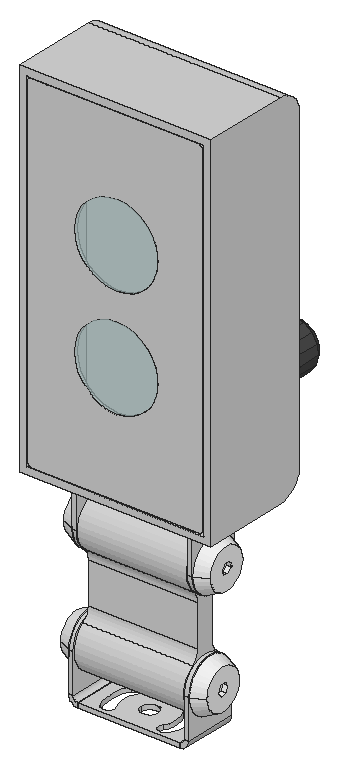
Revit family "Duomo 1.0", category Lighting Fixtures, Revit 2020
Family settings
  Round Connector Dimension = Use Diameter
  Part Type = Normal
  OmniClass Number = 23.80.70.00
  OmniClass Title = Lighting
  Work Plane-Based = No
  Always vertical = No
  Cut with Voids When Loaded = No
  Light Source = No
  Shared = No
  Room Calculation Point = Yes
Parameters (values of type "DUOMO 1.0 J 43° (3000K 10W 230Vac)")
  Wiring = "parallel"
  Width mm = 50 mm
  Weight kg = "0.80 kg"
  Vertical rotation max = 220.00°
  Vertical Rotation Structure max [instance] = 280.00°
  Vertical Rotation Structure Adjusted [instance] = if(Vertical Rotation Structure 2 < Vertical Rotation Structure min, Vertical Rotation Structure min, if(Vertical Rotation Structure 2 > Vertical Rotation Structure max, Vertical Rotation Structure max, Vertical Rotation Structure 2))  # 180.00°
  Vertical Rotation Structure 2 [instance] = Vertical Rotation Structure + 180.00°  # 180.00°
  Vertical Rotation Structure min [instance] = 60.00°
  Vertical Rotation Body min [instance] = 60.00°
  Vertical Rotation Body max [instance] = 280.00°
  Vertical Rotation Body Adjusted [instance] = if(Vertical Rotation Body 2 < Vertical Rotation Body min, Vertical Rotation Body min, if(Vertical Rotation Body 2 > Vertical Rotation Body max, Vertical Rotation Body max, Vertical Rotation Body 2))  # 180.00°
  Vertical Rotation Body 2 [instance] = Vertical Rotation Body + 180.00°  # 180.00°
  Vertical Rotation Body [instance] = 0.00°
  URL Accessories and power supply units = "https://www.lucelight.it/en/prodotto.php/129704#a-scheda-accessori"
  URL = "https://www.lucelight.it/en/prodotto.php/129704"
  URL Technical sheet = "-"
  URL Image = "https://www.lucelight.it/en/prodotto-foto.php/129704"
  URL IES Photometric file = "https://www.lucelight.it/media/prodotti/fotometrie/duomo_1.0_ies.zip"
  URL General code = "https://www.lucelight.it/en/prodotto.php/129704#a-generacodice"
  URL Description = "https://www.lucelight.it/en/capitolato.php/129704"
  URL DXF = "https://www.lucelight.it/media/prodotti/dxf/duomo_1.0.dxf"
  URL Catalogue = "-"
  Screw = L&L_Steel inox AISI 316L
  Power supply unit = "built-in"
  Power supply = "230Vac\r\n230Vac"
  Power cables = "-"
  Light Source = Light Source_10 : J 43°
  Connector = L&L_Plastic
  Power = "10W"
  Optics = "43°"
  No. and type of led = "2 power LEDs High Intensity, 3-step MacAdam, 50 000h L90 B10 (Ta 25°C)"
  Model = "Duomo 1.0"
  Manufacturer = "L&L Luce&Light"
  Notes = "available on request with adapter for Eurostandard track and in DALI, 1–10V or PUSH version, or with Bluetooth control"
  Mounting = "surface mounted (ceiling, wall, floor)"
  Material = "body and arm in Anticorodal aluminium,  screen in serigraphed, tempered, extra-clear glass"
  Lumen output at source = "815 lm (3000K, CRI 90), 880 lm (3000K, CRI 80)"
  Description = "Projector for indoor applications"
  Default Elevation = 0 mm
  Body = L&L_Anticorodal aluminium
  Base = L&L_Anticorodal aluminium
  Lens = L&L_Tempered extra-clear glass
  Length mm = 86 mm
  LED Colour = "3000K (also available: 2700K and 4000K - ref. URL Technical sheet)"
  IP = "IP54"
  Height mm = 166 mm
  Vertical Rotation Structure [instance] = 0.00°
  Features = "electrical wiring simplified by the ability to connect the electrical cables directly to the connector"
  Energy efficiency class = "A A+ A++"
  Delivered lumen output = "661 lm (3000K, 30°, CRI 90), 714 lm (3000K, 30°, CRI 80)"
  Cutout dimensions = "-"
  Control system = "ON/OFF"
  Contact = "T: +39 0444 360571; E: lucelight@lucelight.it"
  Company = "L&L Luce&Light"
  Code = "-"
  CRI = ">90 (also available: CRI 80 - ref. URL Technical sheet)"
  Apparent Load Phase 1 = 10 W
Types (8, lengths in mm): name | Light Source | Optics
  DUOMO 1.0 J 43° (3000K 10W 230Vac) | Light Source_10 : J 43° | "43°"
  DUOMO 1.0 K 63° (3000K 10W 230Vac) | Light Source_10 : K 63° | "63°"
  DUOMO 1.0 L 35° (3000K 10W 230Vac) | Light Source_10 : L 35° | "35°"
  DUOMO 1.0 M 30° (3000K 10W 230Vac) | Light Source_10 : M 30° | "30°"
  DUOMO 1.0 S 14° (3000K 10W 230Vac) | Light Source_10 : S 14° | "14°"
  DUOMO 1.0 T 10° (3000K 10W 230Vac) | Light Source_10 : T 10° | "10°"
  DUOMO 1.0 W 18°x44° (3000K 10W 230Vac) | Light Source_10 : W 18°x44° | "18°x44°"
  DUOMO 1.0 X 44°x18° (3000K 10W 230Vac) | Light Source_10 : X 44°x18° | "44°x18°"
Reference planes
  plane 1 "Light Source Axis (F/B)": y = 0
  plane 2: z = 0
  plane 3 "Light Source Axis (L/R)": x = 0
  plane 4 "Light Source Elevation": z = 420
Lines and regions (mm)
  reference lines
    curve 1: line (0, 0, 22) -> (0, 0, -55)
    curve 2: line (0, 0, 22) -> (0, 0, 82)
Dimensions and locks
  level to plane 4 "Light Source Elevation" = 420 mm
  locked: curve 1 to level (angle 90.00°)
  "Vertical Rotation Structure Adjusted": angle curve 1 to curve 2
  aligned and locked: level to plane 2
  aligned and locked: curve 1 to plane 1 "Light Source Axis (F/B)"
Automatic sketch dimensions
  level to curve 2 = 22 mm
Nested families
  nested 1: "Bracket" at (0, 0, 0), Vertical Rotation <- "Vertical Rotation Structure Adjusted", Base Braket <- "Base", Screw <- "Screw", type "Bracket"
    with Vertical Rotation 180.00°, Screw L&L_Steel inox AISI 316L, Base Braket L&L_Anticorodal aluminium
  nested 2: "Duomo 10_Body" at (1.486, 0, 72), Vertical Rotation <- "Vertical Rotation Body Adjusted", Base Braket <- "Base", Body <- "Body", Connector <- "Connector", Lens <- "Lens", Screw <- "Screw", type "Duomo 10_Body"
    with Vertical Rotation 180.00°, Screw L&L_Steel inox AISI 316L, Lens L&L_Tempered extra-clear glass, Connector L&L_Plastic, Body L&L_Anticorodal aluminium, Base Braket L&L_Anticorodal aluminium
  nested 3: "Light Source_10" at (0, -21.5, 175.76) x (-1, 0, 0) z (0, -1, 0), type <- "Light Source", type "J 43°"
Connectors
  electrical at (0, 0, 0)
    settings: index 1, voltage 0 V, apparent load 0 VA, apparent load phase1 0 VA, apparent load phase2 0 VA, apparent load phase3 0 VA, power factor 1, load classification "Other", number of poles 1, system type 31, power factor state 1, is connector primary yes, connector utility no, sub classification motor no, connector description ""
Definition of nested family "Bracket"
  Parameters (values of type "Bracket")
    Width = 24 mm
    Vertical Rotation [instance] = 180.00°
    Screw [instance] = none
    Length = 66.8 mm
    Default Elevation = 0 mm
    Base Braket [instance] = none
  Reference planes
    plane 1 "Light Source Axis (F/B)": y = 0
    plane 2: z = 0
    plane 3 "Light Source Axis (L/R)": x = 0
    plane 4 "Light Source Elevation": z = 475
    plane 5: x = -33.4
    plane 6: x = 33.4
    plane 7: y = 12
    plane 8: y = -12
  Forms (mm)
    Extrusion 1, solid, material <- "Base Braket"
      sketch origin (0, 0, 0) x (1, 0, 0) y (0, 0, 1)
        loop
          arc (-27.4, 4) -> (-26.228, 1.172) -> (-23.4, 0) r 4
          line (-23.4, 0) -> (-23.4, 2)
          arc (-23.4, 2) -> (-24.814, 2.586) -> (-25.4, 4) r 2
          line (-25.4, 4) -> (-27.4, 4)
        loop
          arc (23.4, 0) -> (26.228, 1.172) -> (27.4, 4) r 4
          line (27.4, 4) -> (25.4, 4)
          arc (25.4, 4) -> (24.814, 2.586) -> (23.4, 2) r 2
          line (23.4, 2) -> (23.4, 0)
      from -12 to 12
    Extrusion 2, solid, material <- "Base Braket", detail levels coarse+medium
      sketch origin (0, 0, 0) x (1, 0, 0) y (0, 1, 0)
        loop
          line (-23.4, 12) -> (-23.4, -12) -> (23.4, -12) -> (23.4, 12) -> (-23.4, 12)
      from 0 to 2
    Extrusion 3, solid, material <- "Base Braket", detail levels fine
      sketch origin (0, 0, 0) x (1, 0, 0) y (0, 1, 0)
        loop
          line (-23.4, 12) -> (-23.4, -12) -> (23.4, -12) -> (23.4, 12) -> (-23.4, 12)
        loop
          circle (0, 0) r 4
        loop
          arc (-10.442, 5.913) -> (-11.574, 10.002) -> (-15.663, 8.87) r 3
          arc (-15.663, 8.87) -> (-18, 0) -> (-15.663, -8.87) r 18
          arc (-15.663, -8.87) -> (-11.574, -10.002) -> (-10.442, -5.913) r 3
          arc (-10.442, -5.913) -> (-12, 0) -> (-10.442, 5.913) r 12
        loop
          arc (10.442, 5.913) -> (12, 0) -> (10.442, -5.913) r 12
          arc (10.442, -5.913) -> (11.574, -10.002) -> (15.663, -8.87) r 3
          arc (15.663, -8.87) -> (18, 0) -> (15.663, 8.87) r 18
          arc (15.663, 8.87) -> (11.574, 10.002) -> (10.442, 5.913) r 3
      from 0 to 2
    Extrusion 4, solid, material <- "Base Braket"
      sketch origin (0, 0, 0) x (0, 1, 0) y (0, 0, 1)
        loop
          line (12, 4) -> (12, 22)
          arc (12, 22) -> (0, 34) -> (-12, 22) r 12
          line (-12, 22) -> (-12, 4) -> (12, 4)
      from -27.4 to -25.4
    Extrusion 5, solid, material <- "Base Braket"
      sketch origin (31.914, 0, 0) x (0, 1, 0) y (0, 0, 1)
        loop
          line (12, 4) -> (12, 22)
          arc (12, 22) -> (0, 34) -> (-12, 22) r 12
          line (-12, 22) -> (-12, 4) -> (12, 4)
      from -6.514 to -4.514
    Blend 6, solid, material <- "Screw", detail levels fine
      base sketch origin (0, 0, 0) x (0, 1, 0) y (0, 0, 1)
        loop
          circle (0, 22) r 12
      top sketch origin (0, 0, 0) x (0, 1, 0) y (0, 0, 1)
        loop
          circle (0, 22) r 9.138
      from 27.4 to 33.4
    Blend 7, solid, material <- "Screw", detail levels fine
      base sketch origin (0, 0, 0) x (0, 1, 0) y (0, 0, -1)
        loop
          circle (0, -22) r 12
      top sketch origin (0, 0, 0) x (0, 1, 0) y (0, 0, -1)
        loop
          circle (0, -22) r 9.138
      from 27.4 to 33.4
    Extrusion 8, solid, material <- "Screw", detail levels medium
      sketch origin (0, 0, 0) x (0, 1, 0) y (0, 0, 1)
        loop
          circle (0, 22) r 12
      from -33.4 to -27.4
    Extrusion 9, solid, material <- "Screw", detail levels medium
      sketch origin (0, 0, 0) x (0, 1, 0) y (0, 0, -1)
        loop
          circle (0, -22) r 12
      from -33.4 to -27.4
    Extrusion 10, void
      sketch origin (0, 0, 0) x (0, 1, 0) y (0, 0, 1)
        loop
          line (-1.844, 24.221) -> (-2.845, 21.513) -> (-1.001, 19.292) -> (1.844, 19.779) -> (2.845, 22.487) -> (1.001, 24.708) -> (-1.844, 24.221)
      from -46.814 to -30.9
    Extrusion 11, void
      sketch origin (0, 0, 0) x (0, 1, 0) y (0, 0, -1)
        loop
          line (-1.844, -24.221) -> (1.001, -24.708) -> (2.845, -22.487) -> (1.844, -19.779) -> (-1.001, -19.292) -> (-2.845, -21.513) -> (-1.844, -24.221)
      from -46.814 to -30.9
    Extrusion 12, solid, material <- "Base Braket"
      sketch origin (0, 0, 22) x (0, 0, 1) y (0, -1, 0)
        loop
          arc (9.784, 6.947) -> (-12, 0) -> (9.784, -6.947) r 12
          arc (9.784, -6.947) -> (12.28, -4.78) -> (15.492, -4) r 7
          line (15.492, -4) -> (34.508, -4)
          arc (34.508, -4) -> (37.72, -4.78) -> (40.216, -6.947) r 7
          arc (40.216, -6.947) -> (38, 0) -> (40.216, 6.947) r 12
          arc (40.216, 6.947) -> (37.72, 4.78) -> (34.508, 4) r 7
          line (34.508, 4) -> (15.492, 4)
          arc (15.492, 4) -> (12.28, 4.78) -> (9.784, 6.947) r 7
      from -24.9 to 25.1
  Cuts and joins
    Extrusion 10 cuts Blend 7
    Extrusion 11 cuts Blend 6
  Lines and regions (mm)
    reference lines
      curve 1: line (0, 0, 0) -> (0, 0, 22)
      curve 2: line (0, 0, 22) -> (0, 0, 84.907)
  Dimensions and locks
    equal spacing: plane 5, plane 3 "Light Source Axis (L/R)", plane 6
    "Length": plane 5 to plane 6
    level to plane 4 "Light Source Elevation" = 475 mm
    equal spacing: plane 7, plane 1 "Light Source Axis (F/B)", plane 8
    "Width": plane 7 to plane 8
    locked: curve 1 to level (angle 90.00°)
    "Vertical Rotation": angle curve 1 to curve 2
    aligned and locked: level to plane 2
    aligned and locked: plane 7 to Extrusion 1
    aligned and locked: Extrusion 1 to plane 8
    aligned and locked: Extrusion 2 sketch curve to Extrusion 1  (x4)
  Automatic sketch dimensions
    Extrusion 1 sketch curve to level = 0 mm  (x2)
    Extrusion 1 sketch curve to Extrusion 1 sketch curve = 2 mm  (x4)
    Extrusion 3 sketch curve to Extrusion 3 sketch curve = 0 mm  (x13)
    Extrusion 3 sketch curve to plane 8 = 0 mm
    Extrusion 3 sketch curve to plane 7 = 0 mm
    plane 1 "Light Source Axis (F/B)" to Extrusion 3 sketch curve = 0 mm
    Extrusion 3 sketch curve to plane 3 "Light Source Axis (L/R)" = 0 mm
    plane 8 to Extrusion 3 sketch curve = 4.609 mm  (x2)
    Extrusion 3 sketch curve to plane 3 "Light Source Axis (L/R)" = 13.052 mm  (x2)
    Extrusion 3 sketch curve to plane 7 = 4.609 mm  (x2)
    plane 3 "Light Source Axis (L/R)" to Extrusion 3 sketch curve = 13.052 mm  (x2)
    Extrusion 3 sketch curve to Extrusion 3 sketch curve = 2.61 mm  (x7)
    Extrusion 4 sketch curve to plane 8 = 0 mm
    Extrusion 4 sketch curve to plane 1 "Light Source Axis (F/B)" = 0 mm
    level to Extrusion 4 sketch curve = 4 mm
    Extrusion 4 sketch curve to Extrusion 4 sketch curve = 18 mm
    Extrusion 4 sketch curve to Extrusion 4 sketch curve = 0 mm
    Extrusion 5 sketch curve to plane 8 = 0 mm
    Extrusion 5 sketch curve to plane 1 "Light Source Axis (F/B)" = 0 mm
    level to Extrusion 5 sketch curve = 4 mm
    Extrusion 5 sketch curve to Extrusion 5 sketch curve = 18 mm
    Extrusion 5 sketch curve to Extrusion 5 sketch curve = 0 mm
    Blend 6 sketch curve to plane 1 "Light Source Axis (F/B)" = 0 mm  (x2)
    level to Blend 6 sketch curve = 22 mm  (x2)
    Blend 7 sketch curve to plane 1 "Light Source Axis (F/B)" = 0 mm  (x2)
    level to Blend 7 sketch curve = 22 mm  (x2)
    Extrusion 8 sketch curve to plane 1 "Light Source Axis (F/B)" = 0 mm
    level to Extrusion 8 sketch curve = 22 mm
    Extrusion 9 sketch curve to plane 1 "Light Source Axis (F/B)" = 0 mm
    level to Extrusion 9 sketch curve = 22 mm
    plane 1 "Light Source Axis (F/B)" to Extrusion 10 sketch curve = 2.845 mm
    plane 1 "Light Source Axis (F/B)" to Extrusion 10 sketch curve = 1.844 mm
    plane 1 "Light Source Axis (F/B)" to Extrusion 10 sketch curve = 1.001 mm
    Extrusion 10 sketch curve to plane 1 "Light Source Axis (F/B)" = 1.001 mm
    Extrusion 10 sketch curve to plane 1 "Light Source Axis (F/B)" = 1.844 mm
    Extrusion 10 sketch curve to plane 1 "Light Source Axis (F/B)" = 2.845 mm
    level to Extrusion 10 sketch curve = 19.292 mm
    Extrusion 10 sketch curve to Extrusion 10 sketch curve = 0.487 mm
    Extrusion 10 sketch curve to Extrusion 10 sketch curve = 2.221 mm  (x2)
    Extrusion 10 sketch curve to Extrusion 10 sketch curve = 2.708 mm  (x2)
    plane 1 "Light Source Axis (F/B)" to Extrusion 11 sketch curve = 2.845 mm
    plane 1 "Light Source Axis (F/B)" to Extrusion 11 sketch curve = 1.844 mm
    plane 1 "Light Source Axis (F/B)" to Extrusion 11 sketch curve = 1.001 mm
    Extrusion 11 sketch curve to plane 1 "Light Source Axis (F/B)" = 1.001 mm
    Extrusion 11 sketch curve to plane 1 "Light Source Axis (F/B)" = 1.844 mm
    Extrusion 11 sketch curve to plane 1 "Light Source Axis (F/B)" = 2.845 mm
    level to Extrusion 11 sketch curve = 24.708 mm
    Extrusion 11 sketch curve to Extrusion 11 sketch curve = 0.487 mm
    Extrusion 11 sketch curve to Extrusion 11 sketch curve = 2.221 mm  (x2)
    Extrusion 11 sketch curve to Extrusion 11 sketch curve = 2.708 mm  (x2)
    Extrusion 1 sketch curve to plane 6 = 10 mm
    Extrusion 3 sketch curve to Extrusion 3 sketch curve = 7.737 mm  (x2)
    Extrusion 1 sketch curve to Extrusion 1 sketch curve = 0 mm
    plane 5 to Extrusion 1 sketch curve = 10 mm
    Extrusion 12 sketch curve to curve 2 = 0 mm  (x3)
    Extrusion 12 sketch curve to curve 2 = 11 mm
    Extrusion 12 sketch curve to curve 2 = 28.399 mm
    Extrusion 12 sketch curve to curve 2 = 4 mm
    Extrusion 12 sketch curve to Extrusion 12 sketch curve = 5.708 mm  (x4)
    Extrusion 12 sketch curve to Extrusion 12 sketch curve = 0 mm  (x6)
    curve 2 to Extrusion 12 sketch curve = 4 mm
    Extrusion 12 sketch curve to Extrusion 12 sketch curve = 7 mm
    Extrusion 12 sketch curve to Extrusion 12 sketch curve = 9.784 mm
    Extrusion 12 sketch curve to curve 2 = 6.947 mm
    curve 1 to plane 1 "Light Source Axis (F/B)" = 0 mm
    curve 1 to level = 0 mm
    radius of Extrusion 3 sketch curve = 4 mm
    radius of Blend 6 sketch curve = 12 mm
    radius of Blend 6 sketch curve = 9.138 mm
    radius of Blend 7 sketch curve = 12 mm
    radius of Blend 7 sketch curve = 9.138 mm
    radius of Extrusion 8 sketch curve = 12 mm
    radius of Extrusion 9 sketch curve = 12 mm
Definition of nested family "Duomo 10_Body"
  Parameters (values of type "Duomo 10_Body")
    Width = 24 mm
    Vertical Rotation [instance] = 180.00°
    Screw [instance] = none
    Lens [instance] = none
    Length = 66.8 mm
    Default Elevation = 1219.2 mm
    Connector [instance] = none
    Body [instance] = none
    Base Braket [instance] = none
  Reference planes
    plane 1 "Light Source Axis (F/B)": y = 0
    plane 2: z = 0
    plane 3 "Light Source Axis (L/R)": x = 0
    plane 4 "Light Source Elevation": z = 475
    plane 5: x = -33.4
    plane 6: x = 33.4
    plane 7: y = 12
    plane 8: y = -12
  Lines and regions (mm)
    reference lines
      curve 1: line (0, 0, -78.016) -> (0, 0, 0)
      curve 2: line (0, 0, 0) -> (0, 0, 73.234)
  Dimensions and locks
    equal spacing: plane 5, plane 3 "Light Source Axis (L/R)", plane 6
    "Length": plane 5 to plane 6
    level to plane 4 "Light Source Elevation" = 475 mm
    equal spacing: plane 7, plane 1 "Light Source Axis (F/B)", plane 8
    "Width": plane 7 to plane 8
    locked: curve 1 to level (angle 90.00°)
    "Vertical Rotation": angle curve 1 to curve 2
    aligned and locked: level to plane 2
    aligned and locked: level to curve 1
    aligned and locked: curve 1 to curve 2
  Automatic sketch dimensions
    curve 1 to plane 1 "Light Source Axis (F/B)" = 0 mm
    curve 2 to level = 0 mm
  Nested families
    nested 1: "Body" at (0.6, 0, 0), Body <- "Body", Connector <- "Connector", Lens <- "Lens", Screw <- "Screw", type "Body"
      with Screw none, Lens none, Connector none, Body none
    nested 2: "Hinge" at (0, 0, 0) x (-1, 0, 0) z (0, 0, 1), Base Braket <- "Base Braket", Screw <- "Screw", type "Hinge"
      with Vertical Rotation 180.00°, Base Braket none
  Definition of nested family "Body"
    Parameters (values of type "Body")
      Width = 24 mm
      Screw [instance] = none
      Length = 66.8 mm
      Lens [instance] = none
      Default Elevation = 1219.2 mm
      Connector [instance] = none
      Body [instance] = none
    Reference planes
      plane 1 "Light Source Axis (F/B)": y = 0
      plane 2: z = 0
      plane 3 "Light Source Axis (L/R)": x = 0
      plane 4 "Light Source Elevation": z = 475
      plane 5: x = -33.4
      plane 6: x = 33.4
      plane 7: y = 12
      plane 8: y = -12
    Forms (mm)
      Extrusion 1, solid, material <- "Body", detail levels coarse
        sketch origin (0, 0, 0) x (0, 0, 1) y (0, -1, 0)
          loop
            line (188.2, -18.033) -> (188.2, 21.5) -> (22, 21.5) -> (22, -18.033)
            arc (22, -18.033) -> (24.224, -24.53) -> (29.963, -28.3) r 10.6
            line (29.963, -28.3) -> (180.237, -28.3)
            arc (180.237, -28.3) -> (185.976, -24.53) -> (188.2, -18.033) r 10.6
        from -44.2 to 43
      Extrusion 2, solid, material <- "Lens", detail levels medium+fine
        sketch origin (0, 0, 0) x (0, 0, 1) y (1, 0, 0)
          loop
            circle (130.075, 0) r 19.016
          loop
            circle (79.956, 0) r 19.016
        from -21.5 to -20.5
      Extrusion 3, solid, material <- "Body", detail levels medium+fine
        sketch origin (0, 0, 0) x (0, 0, 1) y (0, -1, 0)
          loop
            line (188.2, -18.033) -> (188.2, 21.5) -> (22, 21.5) -> (22, -18.033)
            arc (22, -18.033) -> (24.224, -24.53) -> (29.963, -28.3) r 10.6
            line (29.963, -28.3) -> (180.237, -28.3)
            arc (180.237, -28.3) -> (185.976, -24.53) -> (188.2, -18.033) r 10.6
        from -44.2 to 43
      Extrusion 4, void
        sketch origin (0, 0, 0) x (0, 0, 1) y (1, 0, 0)
          loop
            line (185.1, -41.1) -> (185.1, 39.9) -> (25.1, 39.9) -> (25.1, -41.1) -> (185.1, -41.1)
        from -160.769 to 12
      Extrusion 5, solid, material <- "Body", detail levels medium+fine
        sketch origin (0, 0, 0) x (0, 0, 1) y (1, 0, 0)
          loop
            line (184.6, -38.6) -> (184.6, 37.4)
            arc (184.6, 37.4) -> (184.014, 38.814) -> (182.6, 39.4) r 2
            line (182.6, 39.4) -> (27.6, 39.4)
            arc (27.6, 39.4) -> (26.186, 38.814) -> (25.6, 37.4) r 2
            line (25.6, 37.4) -> (25.6, -38.6)
            arc (25.6, -38.6) -> (26.186, -40.014) -> (27.6, -40.6) r 2
            line (27.6, -40.6) -> (182.6, -40.6)
            arc (182.6, -40.6) -> (184.014, -40.014) -> (184.6, -38.6) r 2
          loop
            circle (130.075, 0) r 19.016
          loop
            circle (79.956, 0) r 19.016
        from -21.5 to -20.5
      Extrusion 6, solid, material <- "Screw", detail levels medium+fine
        sketch origin (0, 0, 0) x (1, 0, 0) y (0, 1, 0)
          loop
            circle (-13.6, 0) r 6
        from 19 to 20
      Extrusion 7, solid, material <- "Screw", detail levels fine
        sketch origin (-0.123, 2.332, 0) x (0.985191, 0.171462, 0) y (-0.171462, 0.985191, 0)
          loop
            line (-8.726, 2.73) -> (-13.722, 5.614) -> (-18.719, 2.73) -> (-18.719, -3.039) -> (-13.722, -5.924) -> (-8.726, -3.039) -> (-8.726, 2.73)
        from 15 to 19
      Extrusion 8, solid, material <- "Screw", detail levels medium+fine
        sketch origin (25, 0, 0) x (1, 0, 0) y (0, 1, 0)
          loop
            circle (-13.6, 0) r 6
        from 19 to 20
      Extrusion 9, solid, material <- "Screw", detail levels fine
        sketch origin (24.877, 2.332, 0) x (0.985191, 0.171462, 0) y (-0.171462, 0.985191, 0)
          loop
            line (-8.726, 2.73) -> (-13.722, 5.614) -> (-18.719, 2.73) -> (-18.719, -3.039) -> (-13.722, -5.924) -> (-8.726, -3.039) -> (-8.726, 2.73)
        from 15 to 19
      Revolve 10, solid, material <- "Connector", detail levels fine
        sketch origin (-0.6, 0, 0) x (0, 0, 1) y (0, -1, 0)
          loop
            line (56.5, -28.3) -> (45, -28.3) -> (45, -54.004) -> (56.5, -54.004) -> (56.5, -37.154) -> (52.491, -37.154) -> (52.491, -36.354) -> (56.5, -36.354) -> (56.5, -28.3)
          axis (45, -28.3) -> (45, -54.004)
        angle from 0 to 360
      Extrusion 11, solid, material <- "Connector", detail levels fine
        sketch origin (43.6, 0, 0) x (1, 0, 0) y (0, 0, 1)
          loop
            line (-53.62, 51.596) -> (-55.698, 44.799) -> (-53.384, 38.079) -> (-47.562, 34.002) -> (-40.456, 34.127) -> (-34.78, 38.404) -> (-32.702, 45.201) -> (-35.016, 51.921) -> (-40.838, 55.998) -> (-47.944, 55.873) -> (-53.62, 51.596)
        from -65.004 to -54.004
      Revolve 12, solid, material <- "Connector", detail levels fine
        sketch origin (-0.6, 0, 0) x (0, 0, 1) y (0, -1, 0)
          loop
            arc (53.496, -65.5) -> (53.644, -65.149) -> (53.996, -65.004) r 0.5
            line (53.996, -65.004) -> (44.799, -65.004) -> (44.799, -68.021) -> (53.496, -68.021) -> (54.151, -67.558) -> (54.151, -66.758) -> (53.496, -66.3) -> (53.496, -65.5)
          axis (44.799, -65.004) -> (44.799, -68.021)
        angle from 0 to 360
      Extrusion 13, solid, material <- "Connector", detail levels fine
        sketch origin (43.6, 19.006, 0) x (1, 0, 0) y (0, 0, 1)
          loop
            line (-47.944, 55.873) -> (-51.82, 53.613) -> (-54.536, 50.041) -> (-55.679, 45.702) -> (-55.073, 41.256) -> (-52.813, 37.38) -> (-49.241, 34.664) -> (-44.902, 33.521) -> (-40.456, 34.127) -> (-36.58, 36.387) -> (-33.864, 39.959) -> (-32.721, 44.298) -> (-33.327, 48.744) -> (-35.587, 52.62) -> (-39.159, 55.336) -> (-43.498, 56.479) -> (-47.944, 55.873)
        from -60.692 to -49.016
      Revolve 14, solid, material <- "Connector", detail levels fine
        sketch origin (-0.6, 15.433, 0) x (0, 0, 1) y (0, -1, 0)
          loop
            arc (52.25, -68.022) -> (54.303, -67.171) -> (55.153, -65.118) r 2.903
            line (55.153, -65.118) -> (55.153, -64.265) -> (44.799, -64.265) -> (44.799, -68.022) -> (52.25, -68.022)
          axis (44.799, -64.265) -> (44.799, -68.022)
        angle from 0 to 360
    Cuts and joins
      Extrusion 4 cuts Extrusion 3
    Dimensions and locks
      equal spacing: plane 5, plane 3 "Light Source Axis (L/R)", plane 6
      "Length": plane 5 to plane 6
      level to plane 4 "Light Source Elevation" = 475 mm
      equal spacing: plane 7, plane 1 "Light Source Axis (F/B)", plane 8
      "Width": plane 7 to plane 8
      aligned and locked: level to plane 2
      aligned and locked: plane 7 to Extrusion 4
    Automatic sketch dimensions
      Extrusion 1 sketch curve to Extrusion 1 sketch curve = 7.963 mm
      Extrusion 1 sketch curve to Extrusion 1 sketch curve = 2.637 mm  (x2)
      Extrusion 1 sketch curve to Extrusion 1 sketch curve = 10.6 mm
      Extrusion 2 sketch curve to Extrusion 2 sketch curve = 50.118 mm
      Extrusion 3 sketch curve to Extrusion 3 sketch curve = 7.963 mm
      Extrusion 3 sketch curve to Extrusion 3 sketch curve = 2.637 mm  (x2)
      Extrusion 3 sketch curve to Extrusion 3 sketch curve = 10.6 mm
      Extrusion 5 sketch curve to Extrusion 5 sketch curve = 2 mm  (x3)
      Extrusion 5 sketch curve to Extrusion 5 sketch curve = 0 mm  (x3)
      plane 1 "Light Source Axis (F/B)" to Extrusion 6 sketch curve = 0 mm
      Extrusion 6 sketch curve to plane 3 "Light Source Axis (L/R)" = 13.6 mm
      plane 1 "Light Source Axis (F/B)" to Extrusion 7 sketch curve = 3.872 mm
      plane 5 to Extrusion 7 sketch curve = 15.356 mm
      Extrusion 7 sketch curve to Extrusion 7 sketch curve = 4.996 mm  (x3)
      Extrusion 7 sketch curve to Extrusion 7 sketch curve = 0 mm
      Extrusion 7 sketch curve to Extrusion 7 sketch curve = 2.885 mm  (x2)
      Extrusion 7 sketch curve to Extrusion 7 sketch curve = 5.769 mm  (x2)
      plane 1 "Light Source Axis (F/B)" to Extrusion 8 sketch curve = 0 mm
      plane 3 "Light Source Axis (L/R)" to Extrusion 8 sketch curve = 11.4 mm
      plane 1 "Light Source Axis (F/B)" to Extrusion 9 sketch curve = 3.872 mm
      plane 3 "Light Source Axis (L/R)" to Extrusion 9 sketch curve = 6.956 mm
      Extrusion 9 sketch curve to Extrusion 9 sketch curve = 4.996 mm  (x3)
      Extrusion 9 sketch curve to Extrusion 9 sketch curve = 0 mm
      Extrusion 9 sketch curve to Extrusion 9 sketch curve = 2.885 mm  (x2)
      Extrusion 9 sketch curve to Extrusion 9 sketch curve = 5.769 mm  (x2)
      plane 7 to Extrusion 1 sketch curve = 6.033 mm
      level to Extrusion 1 sketch curve = 22 mm
      Extrusion 1 sketch curve to Extrusion 1 sketch curve = 145 mm
      Extrusion 1 sketch curve to plane 8 = 9.5 mm
      Extrusion 2 sketch curve to plane 3 "Light Source Axis (L/R)" = 0 mm  (x2)
      level to Extrusion 2 sketch curve = 79.956 mm
      plane 7 to Extrusion 3 sketch curve = 6.033 mm
      level to Extrusion 3 sketch curve = 22 mm
      Extrusion 3 sketch curve to Extrusion 3 sketch curve = 145 mm
      Extrusion 3 sketch curve to plane 8 = 9.5 mm
      Extrusion 4 sketch curve to plane 5 = 7.7 mm
      level to Extrusion 4 sketch curve = 25.1 mm
      Extrusion 4 sketch curve to Extrusion 4 sketch curve = 160 mm
      plane 6 to Extrusion 4 sketch curve = 6.5 mm
      Extrusion 5 sketch curve to plane 5 = 5.2 mm
      level to Extrusion 5 sketch curve = 25.6 mm
      Extrusion 5 sketch curve to Extrusion 5 sketch curve = 155 mm
      plane 6 to Extrusion 5 sketch curve = 4 mm
      plane 7 to Revolve 10 sketch curve = 16.3 mm
      level to Revolve 10 sketch curve = 45 mm
      Revolve 10 sketch curve to Revolve 10 sketch curve = 7.491 mm
      Revolve 10 sketch curve to Revolve 10 sketch curve = 11.5 mm
      Revolve 10 sketch curve to Revolve 10 sketch curve = 0 mm  (x2)
      Revolve 10 sketch curve to Revolve 10 sketch curve = 8.054 mm
      Revolve 10 sketch curve to Revolve 10 sketch curve = 0.8 mm
      Revolve 10 sketch curve to Revolve 10 sketch curve = 16.85 mm
      Revolve 10 sketch curve to Revolve 10 sketch curve = 1.893 mm
      Revolve 10 sketch curve to Revolve 10 sketch curve = 8.107 mm
      Extrusion 11 sketch curve to plane 3 "Light Source Axis (L/R)" = 12.098 mm
      Extrusion 11 sketch curve to Extrusion 11 sketch curve = 2.078 mm
      Extrusion 11 sketch curve to Extrusion 11 sketch curve = 2.314 mm  (x2)
      Extrusion 11 sketch curve to plane 3 "Light Source Axis (L/R)" = 4.344 mm
      Extrusion 11 sketch curve to plane 3 "Light Source Axis (L/R)" = 3.962 mm
      plane 3 "Light Source Axis (L/R)" to Extrusion 11 sketch curve = 2.762 mm
      plane 3 "Light Source Axis (L/R)" to Extrusion 11 sketch curve = 3.144 mm
      Extrusion 11 sketch curve to Extrusion 11 sketch curve = 5.822 mm
      Extrusion 11 sketch curve to Extrusion 11 sketch curve = 5.676 mm
      level to Extrusion 11 sketch curve = 34.002 mm
      Extrusion 11 sketch curve to Extrusion 11 sketch curve = 0.124 mm
      Extrusion 11 sketch curve to Extrusion 11 sketch curve = 4.077 mm  (x2)
      Extrusion 11 sketch curve to Extrusion 11 sketch curve = 4.277 mm  (x2)
      Extrusion 11 sketch curve to Extrusion 11 sketch curve = 6.72 mm  (x2)
      Extrusion 11 sketch curve to Extrusion 11 sketch curve = 6.797 mm  (x2)
      level to Revolve 12 sketch curve = 44.799 mm
      Revolve 12 sketch curve to Revolve 12 sketch curve = 8.696 mm
      Revolve 12 sketch curve to Revolve 12 sketch curve = 0 mm  (x4)
      Revolve 12 sketch curve to Revolve 12 sketch curve = 0.5 mm
      Revolve 12 sketch curve to Revolve 12 sketch curve = 0.655 mm
      plane 7 to Revolve 12 sketch curve = 56.021 mm
      Revolve 12 sketch curve to Revolve 12 sketch curve = 0.463 mm
      Revolve 12 sketch curve to Revolve 12 sketch curve = 0.8 mm
      Revolve 12 sketch curve to Revolve 12 sketch curve = 0.459 mm
      Revolve 12 sketch curve to Revolve 12 sketch curve = 0.796 mm
      Revolve 12 sketch curve to Revolve 12 sketch curve = 0.004 mm
      Revolve 12 sketch curve to Revolve 12 sketch curve = 3.017 mm
      Revolve 12 sketch curve to Revolve 12 sketch curve = 6.141 mm
      Extrusion 13 sketch curve to plane 3 "Light Source Axis (L/R)" = 12.079 mm
      Extrusion 13 sketch curve to Extrusion 13 sketch curve = 0.605 mm  (x2)
      Extrusion 13 sketch curve to Extrusion 13 sketch curve = 1.142 mm  (x4)
      Extrusion 13 sketch curve to Extrusion 13 sketch curve = 2.26 mm  (x4)
      Extrusion 13 sketch curve to Extrusion 13 sketch curve = 2.716 mm  (x4)
      Extrusion 13 sketch curve to Extrusion 13 sketch curve = 3.572 mm  (x4)
      Extrusion 13 sketch curve to plane 3 "Light Source Axis (L/R)" = 4.344 mm
      Extrusion 13 sketch curve to plane 3 "Light Source Axis (L/R)" = 1.302 mm
      plane 3 "Light Source Axis (L/R)" to Extrusion 13 sketch curve = 0.102 mm
      plane 3 "Light Source Axis (L/R)" to Extrusion 13 sketch curve = 3.144 mm
      plane 3 "Light Source Axis (L/R)" to Extrusion 13 sketch curve = 4.441 mm
      Extrusion 13 sketch curve to Extrusion 13 sketch curve = 3.876 mm  (x3)
      level to Extrusion 13 sketch curve = 33.521 mm
      Extrusion 13 sketch curve to Extrusion 13 sketch curve = 4.339 mm  (x2)
      Extrusion 13 sketch curve to Extrusion 13 sketch curve = 4.446 mm  (x2)
      level to Revolve 14 sketch curve = 44.799 mm
      Revolve 14 sketch curve to Revolve 14 sketch curve = 7.45 mm
      Revolve 14 sketch curve to Revolve 14 sketch curve = 2.903 mm
      plane 7 to Revolve 14 sketch curve = 71.454 mm
      Revolve 14 sketch curve to Revolve 14 sketch curve = 0.853 mm
      Revolve 14 sketch curve to Revolve 14 sketch curve = 0 mm  (x2)
      Revolve 14 sketch curve to Revolve 14 sketch curve = 6.141 mm
      Extrusion 5 sketch curve to plane 3 "Light Source Axis (L/R)" = 0 mm  (x2)
      Extrusion 5 sketch curve to Extrusion 5 sketch curve = 52.525 mm
      Extrusion 5 sketch curve to Extrusion 5 sketch curve = 19.016 mm  (x2)
      Extrusion 5 sketch curve to Extrusion 5 sketch curve = 31.103 mm
      radius of Extrusion 2 sketch curve = 19.016 mm  (x2)
      radius of Extrusion 6 sketch curve = 6 mm
      radius of Extrusion 8 sketch curve = 6 mm
  Definition of nested family "Hinge"
    Parameters (values of type "Hinge")
      Width = 24 mm
      Vertical Rotation [instance] = 180.00°
      Screw [instance] = none
      Length = 66.8 mm
      Default Elevation = 1219.2 mm
      Base Braket [instance] = none
    Reference planes
      plane 1 "Light Source Axis (F/B)": y = 0
      plane 2: z = 0
      plane 3 "Light Source Axis (L/R)": x = 0
      plane 4 "Light Source Elevation": z = 475
      plane 5: x = -33.4
      plane 6: x = 33.4
      plane 7: y = 12
      plane 8: y = -12
    Forms (mm)
      Blend 1, solid, material <- "Screw", detail levels fine
        base sketch origin (0, 0, -22) x (0, 1, 0) y (0, 0, 1)
          loop
            circle (0, 22) r 12
        top sketch origin (0, 0, -22) x (0, 1, 0) y (0, 0, 1)
          loop
            circle (0, 22) r 9.138
        from 27.4 to 33.4
      Blend 2, solid, material <- "Screw", detail levels fine
        base sketch origin (0, 0, -22) x (0, 1, 0) y (0, 0, -1)
          loop
            circle (0, -22) r 12
        top sketch origin (0, 0, -22) x (0, 1, 0) y (0, 0, -1)
          loop
            circle (0, -22) r 9.138
        from 27.4 to 33.4
      Extrusion 3, solid, material <- "Screw", detail levels medium
        sketch origin (0, 0, -22) x (0, 1, 0) y (0, 0, 1)
          loop
            circle (0, 22) r 12
        from -33.4 to -27.4
      Extrusion 4, solid, material <- "Screw", detail levels medium
        sketch origin (0, 0, -22) x (0, 1, 0) y (0, 0, -1)
          loop
            circle (0, -22) r 12
        from -33.4 to -27.4
      Extrusion 5, void
        sketch origin (0, 0, -22) x (0, 1, 0) y (0, 0, 1)
          loop
            line (-1.844, 24.221) -> (-2.845, 21.513) -> (-1.001, 19.292) -> (1.844, 19.779) -> (2.845, 22.487) -> (1.001, 24.708) -> (-1.844, 24.221)
        from -46.814 to -30.9
      Extrusion 6, void
        sketch origin (0, 0, -22) x (0, 1, 0) y (0, 0, -1)
          loop
            line (-1.844, -24.221) -> (1.001, -24.708) -> (2.845, -22.487) -> (1.844, -19.779) -> (-1.001, -19.292) -> (-2.845, -21.513) -> (-1.844, -24.221)
        from -46.814 to -30.9
      Extrusion 7, solid, material <- "Base Braket"
        sketch origin (0, 0, 0) x (0, 0, 1) y (0, -1, 0)
          loop
            line (0, -12) -> (18, -12) -> (18, 12) -> (0, 12)
            arc (0, 12) -> (-12, 0) -> (0, -12) r 12
        from -27.4 to -25.4
      Extrusion 8, solid, material <- "Base Braket"
        sketch origin (0, 0, 0) x (0, 0, 1) y (0, -1, 0)
          loop
            line (18, -12) -> (18, 12) -> (0, 12)
            arc (0, 12) -> (-12, 0) -> (0, -12) r 12
            line (0, -12) -> (18, -12)
        from 25.4 to 27.4
      Extrusion 9, solid, material <- "Base Braket"
        sketch origin (0, 0, 0) x (0, 0, 1) y (0, -1, 0)
          loop
            circle (0, 0) r 12
        from -25 to 25
      Extrusion 10, solid, material <- "Base Braket"
        sketch origin (0, 0, 0) x (0, 0, 1) y (1, 0, 0)
          loop
            line (22, -23.4) -> (20, -23.4)
            arc (20, -23.4) -> (19.414, -24.814) -> (18, -25.4) r 2
            line (18, -25.4) -> (18, -27.4)
            arc (18, -27.4) -> (20.828, -26.228) -> (22, -23.4) r 4
          loop
            arc (22, 23.4) -> (20.828, 26.228) -> (18, 27.4) r 4
            line (18, 27.4) -> (18, 25.4)
            arc (18, 25.4) -> (19.414, 24.814) -> (20, 23.4) r 2
            line (20, 23.4) -> (22, 23.4)
        from -12 to 12
      Extrusion 11, solid, material <- "Base Braket", detail levels fine
        sketch origin (0, 0, 73.234) x (1, 0, 0) y (0, 1, 0)
          loop
            line (23.4, 12) -> (-23.4, 12) -> (-23.4, -12) -> (23.4, -12) -> (23.4, 12)
          loop
            circle (0, 0) r 4
          loop
            arc (-10.442, 5.913) -> (-11.574, 10.002) -> (-15.663, 8.87) r 3
            arc (-15.663, 8.87) -> (-18, 0) -> (-15.663, -8.87) r 18
            arc (-15.663, -8.87) -> (-11.574, -10.002) -> (-10.442, -5.913) r 3
            arc (-10.442, -5.913) -> (-12, 0) -> (-10.442, 5.913) r 12
          loop
            arc (10.442, 5.913) -> (12, 0) -> (10.442, -5.913) r 12
            arc (10.442, -5.913) -> (11.574, -10.002) -> (15.663, -8.87) r 3
            arc (15.663, -8.87) -> (18, 0) -> (15.663, 8.87) r 18
            arc (15.663, 8.87) -> (11.574, 10.002) -> (10.442, 5.913) r 3
        from -53.234 to -51.234
      Extrusion 12, solid, material <- "Base Braket", detail levels coarse+medium
        sketch origin (0, 0, 73.234) x (1, 0, 0) y (0, 1, 0)
          loop
            line (23.4, 12) -> (-23.4, 12) -> (-23.4, -12) -> (23.4, -12) -> (23.4, 12)
        from -53.234 to -51.234
    Cuts and joins
      Extrusion 5 cuts Blend 2
      Extrusion 6 cuts Blend 1
    Dimensions and locks
      equal spacing: plane 5, plane 3 "Light Source Axis (L/R)", plane 6
      "Length": plane 5 to plane 6
      level to plane 4 "Light Source Elevation" = 475 mm
      equal spacing: plane 7, plane 1 "Light Source Axis (F/B)", plane 8
      "Width": plane 7 to plane 8
      aligned and locked: level to plane 2
    Automatic sketch dimensions
      Blend 1 sketch curve to level = 0 mm  (x2)
      Blend 1 sketch curve to plane 1 "Light Source Axis (F/B)" = 0 mm  (x2)
      Blend 2 sketch curve to level = 0 mm  (x2)
      Blend 2 sketch curve to plane 1 "Light Source Axis (F/B)" = 0 mm  (x2)
      Extrusion 3 sketch curve to level = 0 mm
      Extrusion 3 sketch curve to plane 1 "Light Source Axis (F/B)" = 0 mm
      Extrusion 4 sketch curve to level = 0 mm
      Extrusion 4 sketch curve to plane 1 "Light Source Axis (F/B)" = 0 mm
      Extrusion 5 sketch curve to level = 0.487 mm
      plane 1 "Light Source Axis (F/B)" to Extrusion 5 sketch curve = 2.845 mm
      plane 1 "Light Source Axis (F/B)" to Extrusion 5 sketch curve = 1.844 mm
      plane 1 "Light Source Axis (F/B)" to Extrusion 5 sketch curve = 1.001 mm
      Extrusion 5 sketch curve to plane 1 "Light Source Axis (F/B)" = 1.001 mm
      Extrusion 5 sketch curve to plane 1 "Light Source Axis (F/B)" = 1.844 mm
      level to Extrusion 5 sketch curve = 0.487 mm
      Extrusion 5 sketch curve to plane 1 "Light Source Axis (F/B)" = 2.845 mm
      Extrusion 5 sketch curve to level = 2.221 mm
      Extrusion 5 sketch curve to level = 2.708 mm
      level to Extrusion 5 sketch curve = 2.221 mm
      level to Extrusion 5 sketch curve = 2.708 mm
      Extrusion 6 sketch curve to level = 0.487 mm
      plane 1 "Light Source Axis (F/B)" to Extrusion 6 sketch curve = 2.845 mm
      plane 1 "Light Source Axis (F/B)" to Extrusion 6 sketch curve = 1.844 mm
      plane 1 "Light Source Axis (F/B)" to Extrusion 6 sketch curve = 1.001 mm
      Extrusion 6 sketch curve to plane 1 "Light Source Axis (F/B)" = 1.001 mm
      Extrusion 6 sketch curve to plane 1 "Light Source Axis (F/B)" = 1.844 mm
      level to Extrusion 6 sketch curve = 0.487 mm
      Extrusion 6 sketch curve to plane 1 "Light Source Axis (F/B)" = 2.845 mm
      level to Extrusion 6 sketch curve = 2.221 mm
      level to Extrusion 6 sketch curve = 2.708 mm
      Extrusion 6 sketch curve to level = 2.221 mm
      Extrusion 6 sketch curve to level = 2.708 mm
      Extrusion 7 sketch curve to Extrusion 7 sketch curve = 18 mm
      Extrusion 10 sketch curve to Extrusion 10 sketch curve = 4 mm
      Extrusion 10 sketch curve to Extrusion 10 sketch curve = 2 mm  (x3)
      Extrusion 11 sketch curve to Extrusion 11 sketch curve = 0 mm  (x24)
      Extrusion 11 sketch curve to plane 3 "Light Source Axis (L/R)" = 0 mm
      Extrusion 11 sketch curve to plane 3 "Light Source Axis (L/R)" = 13.052 mm  (x2)
      plane 5 to Extrusion 11 sketch curve = 10 mm
      plane 3 "Light Source Axis (L/R)" to Extrusion 11 sketch curve = 13.052 mm  (x2)
      Extrusion 11 sketch curve to plane 6 = 10 mm
      Extrusion 11 sketch curve to Extrusion 11 sketch curve = 7.391 mm
      Extrusion 11 sketch curve to Extrusion 11 sketch curve = 14.783 mm
      Extrusion 11 sketch curve to Extrusion 11 sketch curve = 2.61 mm  (x5)
      Extrusion 11 sketch curve to Extrusion 11 sketch curve = 4.609 mm  (x2)
      Extrusion 11 sketch curve to Extrusion 11 sketch curve = 3.13 mm
      plane 5 to Extrusion 12 sketch curve = 10 mm
      Extrusion 12 sketch curve to plane 6 = 10 mm
      Extrusion 12 sketch curve to Extrusion 12 sketch curve = 24 mm
      Extrusion 7 sketch curve to level = 0 mm
      Extrusion 7 sketch curve to plane 7 = 0 mm
      Extrusion 7 sketch curve to plane 1 "Light Source Axis (F/B)" = 0 mm
      Extrusion 8 sketch curve to level = 0 mm  (x2)
      Extrusion 8 sketch curve to plane 8 = 0 mm
      Extrusion 8 sketch curve to plane 7 = 0 mm
      level to Extrusion 8 sketch curve = 18 mm
      Extrusion 9 sketch curve to level = 0 mm
      Extrusion 9 sketch curve to plane 1 "Light Source Axis (F/B)" = 0 mm
      Extrusion 10 sketch curve to Extrusion 10 sketch curve = 0 mm  (x4)
      level to Extrusion 10 sketch curve = 18 mm  (x2)
      Extrusion 10 sketch curve to plane 6 = 8 mm
      plane 5 to Extrusion 10 sketch curve = 10 mm
      radius of Blend 1 sketch curve = 12 mm
      radius of Blend 1 sketch curve = 9.138 mm
      radius of Blend 2 sketch curve = 12 mm
      radius of Blend 2 sketch curve = 9.138 mm
      radius of Extrusion 3 sketch curve = 12 mm
      radius of Extrusion 4 sketch curve = 12 mm
      radius of Extrusion 9 sketch curve = 12 mm
      radius of Extrusion 11 sketch curve = 4 mm
Definition of nested family "Light Source_10"
  Parameters (values of type "J 43°")
    Wattage = 5.48667 W
    built-in parameter 1150110 = 1 (stored number, unit not read)
    built-in parameter 1114217 = 1 (stored number, unit not read)
    Tilt Angle = -90.00°
    built-in parameter 1150109 = 1 (stored number, unit not read)
    built-in parameter 1150134 = (empty or 0)
    built-in parameter 1150113 = 1 (stored number, unit not read)
    Photometric Web File = "DUOMO 1.0 J 43° [3000K 10W 230Vac].IES"
    Lumens = 815 lm
    built-in parameter 1150115 = 1 (stored number, unit not read)
    built-in parameter 1150105 = 64.856 (stored number, unit not read)
    built-in parameter 1150137 = (empty or 0)
    built-in parameter 1150139 = (empty or 0)
    built-in parameter 1150112 = 1 (stored number, unit not read)
    built-in parameter 1150114 = 1 (stored number, unit not read)
    built-in parameter 1150132 = 2
    built-in parameter 1150102 = (empty or 0)
    built-in parameter 1150138 = (empty or 0)
    built-in parameter 1150107 = 3000 (stored number, unit not read)
    built-in parameter 1150106 = 0.64856 (stored number, unit not read)
    built-in parameter 1150104 = 13.8 (stored number, unit not read)
    Dimming Lamp Color Temperature Shift = (empty or 0)
    Default Elevation = 1219.2 mm
    Color Filter = 16777215
    built-in parameter 1114218 = 1 (stored number, unit not read)
    built-in parameter 1150133 = 10 (stored number, unit not read)
  Types (8, lengths in mm): name | Photometric Web File
    J 43° | "DUOMO 1.0 J 43° [3000K 10W 230Vac].IES"
    K 63° | "DUOMO 1.0 K 63° [3000K 10W 230Vac].IES"
    L 35° | "DUOMO 1.0 L 35° [3000K 10W 230Vac].IES"
    M 30° | "DUOMO 1.0 M 30° [3000K 10W 230Vac].IES"
    S 14° | "DUOMO 1.0 S 14° [3000K 10W 230Vac].IES"
    T 10° | "DUOMO 1.0 T 10° [3000K 10W 230Vac].IES"
    W 18°x44° | "DUOMO 1.0 W 18°x44° [3000K 10W 230Vac].IES"
    X 44°x18° | "DUOMO 1.0 X 44°x18° [3000K 10W 230Vac].IES"
  Reference planes
    plane 1 "Light Source Axis (F/B)": y = 0
    plane 2: z = 0
    plane 3 "Light Source Axis (L/R)": x = 0
    plane 4 "Light Source Elevation": z = 0
  Dimensions and locks
    aligned and locked: plane 3 "Light Source Axis (L/R)" to imposter light
    aligned and locked: plane 1 "Light Source Axis (F/B)" to imposter light
    aligned and locked: plane 4 "Light Source Elevation" to imposter light
    aligned and locked: level to plane 2
